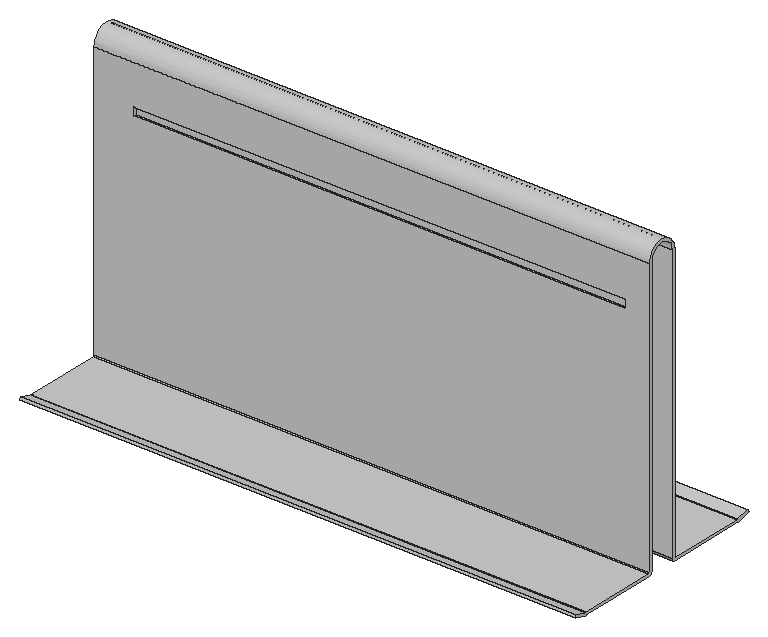
Revit family "Haworth_ActiveComponents_ScreenSaddle_BUILD", category Furniture Systems, Revit 2015
Parameters (values of type "Double-Sided")
  Warranty = "http://www.haworth.com/resources/product-info/warranties"
  URL - Product = "http://www.haworth.com/products/workspaces/accessories/active-components"
  URL = "http://www.haworth.com/"
  Trim Finish [instance] = Haworth _ Metal _ Brushed Aluminum
  Size = "Verify Final Dim. w/ Haworth"  # constant formula
  Single = not(Double)  # no
  Revision Number = "1"  # constant formula
  Model = "AASC"  # constant formula
  Manufacturer = "Haworth"  # constant formula
  Double = yes
  Description = "Haworth - Active Components - Screen Saddle"  # constant formula
  Author = "Haworth (Alias)"  # constant formula
  Assembly Code = "E2020200"
  Actual Width = 21"  # constant formula
  Actual Mounting Height = 29"  # constant formula
  Actual Height = 11"  # constant formula
  Actual Depth = if(Double, 8", 4 1/2")  # 8"
Types (2): name | Single | Double | Actual Depth
  Double-Sided | no | yes | 8"
  Single-Sided | yes | no | 4 1/2"
Reference planes (in)
  plane 1: z = 0
  plane 2 "Left Edge": x = -5.3125
  plane 3 "Support Top": z = 40
  plane 4 "Center F/B": y = 6.68256
  plane 5 "Bottom Screen": z = 29
  plane 6 "Right Edge": x = 15.6875
  plane 7 "Center LR": x = 5.1875
  plane 8 "Back": y = 7.27241
  plane 9 "Front": y = 6.09272
Forms (in)
  Sweep 1, solid, material "Haworth _ Metal _ Brushed Aluminum" <- "Trim Finish", visible <- "Double"
    path origin (0, 0, 29) x (-1, 0, 0) y (0, -1, 0)
      loop
        line (5.3125, -6.68256) -> (-15.6875, -6.68256)
    profile origin (5.1875, 6.68256, 29) x (0, 1, 0) y (0, 0, 1)
      loop
        line (-4.08496, 0.12941) -> (-3.6179, 0.00426)
        arc (-3.6179, 0.00426) -> (-3.60186, 0.00107) -> (-3.58555, 0) r 0.125
        line (-3.58555, 0) -> (-0.625, 0)
        arc (-0.625, 0) -> (-0.53661, 0.03661) -> (-0.5, 0.125) r 0.125
        line (-0.5, 0.125) -> (-0.5, 10.57)
        arc (-0.5, 10.57) -> (0, 11.07) -> (0.5, 10.57) r 0.5
        line (0.5, 10.57) -> (0.5, 0.125)
        arc (0.5, 0.125) -> (0.53661, 0.03661) -> (0.625, 0) r 0.125
        line (0.625, 0) -> (3.58555, 0)
        arc (3.58555, 0) -> (3.60186, 0.00107) -> (3.6179, 0.00426) r 0.125
        line (3.6179, 0.00426) -> (4.08496, 0.12941) -> (4.06167, 0.21634) -> (3.60605, 0.09426)
        arc (3.60605, 0.09426) -> (3.59001, 0.09107) -> (3.5737, 0.09) r 0.125
        line (3.5737, 0.09) -> (0.62906, 0.09)
        arc (0.62906, 0.09) -> (0.60144, 0.10144) -> (0.59, 0.12906) r 0.03906
        line (0.59, 0.12906) -> (0.59, 10.57)
        arc (0.59, 10.57) -> (0, 11.16) -> (-0.59, 10.57) r 0.59
        line (-0.59, 10.57) -> (-0.59, 0.12906)
        arc (-0.59, 0.12906) -> (-0.60144, 0.10144) -> (-0.62906, 0.09) r 0.03906
        line (-0.62906, 0.09) -> (-3.5737, 0.09)
        arc (-3.5737, 0.09) -> (-3.59001, 0.09107) -> (-3.60605, 0.09426) r 0.125
        line (-3.60605, 0.09426) -> (-4.06167, 0.21634) -> (-4.08496, 0.12941)
  Sweep 2, solid, material "Haworth _ Metal _ Brushed Aluminum" <- "Trim Finish", visible <- "Single"
    path origin (0, 0, 29) x (-1, 0, 0) y (0, -1, 0)
      loop
        line (5.3125, -6.68256) -> (-15.6875, -6.68256)
    profile origin (5.1875, 6.68256, 29) x (0, 1, 0) y (0, 0, 1)
      loop
        line (-4.08496, 0.12941) -> (-3.6179, 0.00426)
        arc (-3.6179, 0.00426) -> (-3.60186, 0.00107) -> (-3.58555, 0) r 0.125
        line (-3.58555, 0) -> (-0.625, 0)
        arc (-0.625, 0) -> (-0.53661, 0.03661) -> (-0.5, 0.125) r 0.125
        line (-0.5, 0.125) -> (-0.5, 10.57)
        arc (-0.5, 10.57) -> (0, 11.07) -> (0.5, 10.57) r 0.5
        line (0.5, 10.57) -> (0.5, 9.66) -> (0.59, 9.66) -> (0.59, 10.57)
        arc (0.59, 10.57) -> (0, 11.16) -> (-0.59, 10.57) r 0.59
        line (-0.59, 10.57) -> (-0.59, 0.12906)
        arc (-0.59, 0.12906) -> (-0.60144, 0.10144) -> (-0.62906, 0.09) r 0.03906
        line (-0.62906, 0.09) -> (-3.5737, 0.09)
        arc (-3.5737, 0.09) -> (-3.59001, 0.09107) -> (-3.60605, 0.09426) r 0.125
        line (-3.60605, 0.09426) -> (-4.06167, 0.21634) -> (-4.08496, 0.12941)
  Sweep 3, void
    path origin (0, 0, 29) x (-1, 0, 0) y (0, -1, 0)
      loop
        line (-5.1875, -5.93256) -> (-5.1875, -7.43256)
    profile origin (5.1875, 6.68256, 29) x (-1, 0, 0) y (0, 0, 1)
      loop
        line (9, 9.0725) -> (-9.61487, 9.0725) -> (-9.61487, 8.7475) -> (9, 8.7475) -> (9, 9.0725)
Cuts and joins
  Sweep 3 cuts Sweep 1
  Sweep 3 cuts Sweep 2
Lines and regions (in)
  Masking region 1, visible <- "Double"
    outline origin (0, 0, 29) x (-1, 0, 0) y (0, -1, 0)
      loop
        line (5.3125, -10.76753) -> (5.3125, -2.5976) -> (-15.6875, -2.5976) -> (-15.6875, -10.76753) -> (5.3125, -10.76753)
  Masking region 2, visible <- "Single"
    outline origin (0, 0, 29) x (-1, 0, 0) y (0, -1, 0)
      loop
        line (5.3125, -2.5976) -> (-15.6875, -2.5976) -> (-15.6875, -7.27256) -> (5.3125, -7.27256) -> (5.3125, -2.5976)
  symbolic lines, style "Haworth Hidden", detail levels fine
    curve 1: line (-5.3125, 6.22944, 0) -> (-5.3125, 7.13553, 0)
  symbolic lines, style "Haworth", detail levels medium+fine
    curve 2: line (15.6875, 6.09272, 29) -> (-5.3125, 6.09272, 29)
    curve 3: line (15.6875, 7.27241, 29) -> (-5.3125, 7.27241, 29)
Dimensions and locks (in)
  "Actual Mounting Height": plane 5 "Bottom Screen" to level
  "Actual Height": plane 3 "Support Top" to plane 5 "Bottom Screen"
  "Actual Width": plane 2 "Left Edge" to plane 6 "Right Edge"
  equal spacing: plane 2 "Left Edge", plane 7 "Center LR", plane 6 "Right Edge"
  locked: Masking region 1 sketch curve to plane 4 "Center F/B" at 4.08496
  locked: plane 4 "Center F/B" to Masking region 1 sketch curve at 4.08496
  locked: plane 4 "Center F/B" to Masking region 2 sketch curve at 4.08496
  locked: Masking region 2 sketch curve to plane 4 "Center F/B" at 0.59
  locked: plane 4 "Center F/B" to Sweep 3 sketch curve at 0.75
  locked: Sweep 3 sketch curve to plane 4 "Center F/B" at 0.75
  equal spacing: plane 9 "Front", plane 4 "Center F/B", plane 8 "Back"
  locked: plane 9 "Front" to plane 8 "Back" at 1.17969
  aligned and locked: curve 1 to plane 2 "Left Edge"
  aligned and locked: Sweep 1 sketch curve to plane 4 "Center F/B"
  aligned and locked: plane 6 "Right Edge" to Sweep 1 sketch curve
  aligned and locked: plane 2 "Left Edge" to Sweep 1 sketch curve
  aligned and locked: Masking region 1 sketch curve to plane 6 "Right Edge"
  aligned and locked: Masking region 1 sketch curve to plane 2 "Left Edge"
  aligned and locked: Sweep 2 sketch curve to plane 4 "Center F/B"
  aligned and locked: plane 6 "Right Edge" to Sweep 2 sketch curve
  aligned and locked: plane 2 "Left Edge" to Sweep 2 sketch curve
  aligned and locked: Masking region 2 sketch curve to plane 2 "Left Edge"
  aligned and locked: Masking region 2 sketch curve to plane 6 "Right Edge"
  aligned and locked: plane 7 "Center LR" to Sweep 3 sketch curve
  aligned and locked: curve 2 to plane 9 "Front"
  aligned and locked: plane 8 "Back" to curve 3
Automatic sketch dimensions
  Sweep 1 sketch curve to Sweep 1 sketch curve = 0"  (x2)
  Sweep 1 sketch curve to plane 5 "Bottom Screen" = 0"  (x2)
  Sweep 1 sketch curve to profile plane = 0"
  profile plane to Sweep 1 sketch curve = 1/2"
  Sweep 1 sketch curve to Sweep 1 sketch curve = 0.09"
  Sweep 1 sketch curve to Sweep 1 sketch curve = 0.035"  (x2)
  Sweep 1 sketch curve to Sweep 1 sketch curve = 0.00406"  (x2)
  plane 5 "Bottom Screen" to Sweep 1 sketch curve = 0.09"  (x2)
  Sweep 1 sketch curve to Sweep 1 sketch curve = 2.94464"  (x2)
  Sweep 1 sketch curve to Sweep 1 sketch curve = 0.01185"  (x2)
  plane 5 "Bottom Screen" to Sweep 1 sketch curve = 0.09426"  (x2)
  Sweep 1 sketch curve to Sweep 1 sketch curve = 0.03235"  (x4)
  plane 5 "Bottom Screen" to Sweep 1 sketch curve = 0.00426"  (x2)
  plane 5 "Bottom Screen" to Sweep 1 sketch curve = 0.21634"  (x2)
  Sweep 1 sketch curve to Sweep 1 sketch curve = 0.45562"  (x2)
  plane 5 "Bottom Screen" to Sweep 1 sketch curve = 0.12941"  (x2)
  Sweep 1 sketch curve to Sweep 1 sketch curve = 0.02329"  (x2)
  Sweep 1 sketch curve to Sweep 1 sketch curve = 10.44094"
  Sweep 2 sketch curve to Sweep 2 sketch curve = 0"  (x2)
  Sweep 2 sketch curve to plane 5 "Bottom Screen" = 0"
  Sweep 2 sketch curve to profile plane = 0"
  profile plane to Sweep 2 sketch curve = 1/2"
  Sweep 2 sketch curve to Sweep 2 sketch curve = 0.09"
  Sweep 2 sketch curve to Sweep 2 sketch curve = 0.035"
  Sweep 2 sketch curve to Sweep 2 sketch curve = 0.00406"
  plane 5 "Bottom Screen" to Sweep 2 sketch curve = 0.09"
  Sweep 2 sketch curve to Sweep 2 sketch curve = 2.94464"
  Sweep 2 sketch curve to Sweep 2 sketch curve = 0.01185"
  plane 5 "Bottom Screen" to Sweep 2 sketch curve = 0.09426"
  Sweep 2 sketch curve to Sweep 2 sketch curve = 0.03235"  (x2)
  plane 5 "Bottom Screen" to Sweep 2 sketch curve = 0.00426"
  plane 5 "Bottom Screen" to Sweep 2 sketch curve = 0.21634"
  Sweep 2 sketch curve to Sweep 2 sketch curve = 0.45562"
  plane 5 "Bottom Screen" to Sweep 2 sketch curve = 0.12941"
  Sweep 2 sketch curve to Sweep 2 sketch curve = 0.02329"
  Sweep 2 sketch curve to Sweep 2 sketch curve = 9.535"
  Sweep 2 sketch curve to Sweep 2 sketch curve = 0.91"
  profile plane to Sweep 3 sketch curve = 9.61487"
  Sweep 3 sketch curve to profile plane = 9"
  plane 5 "Bottom Screen" to Sweep 3 sketch curve = 8.7475"
  Sweep 3 sketch curve to Sweep 3 sketch curve = 0.325"
  curve 1 to plane 4 "Center F/B" = 29/64"
  curve 1 to plane 8 "Back" = 0.13688"
  curve 3 to plane 6 "Right Edge" = 0"
  curve 2 to plane 6 "Right Edge" = 0"
  curve 3 to plane 2 "Left Edge" = 0"
  curve 2 to plane 2 "Left Edge" = 0"
